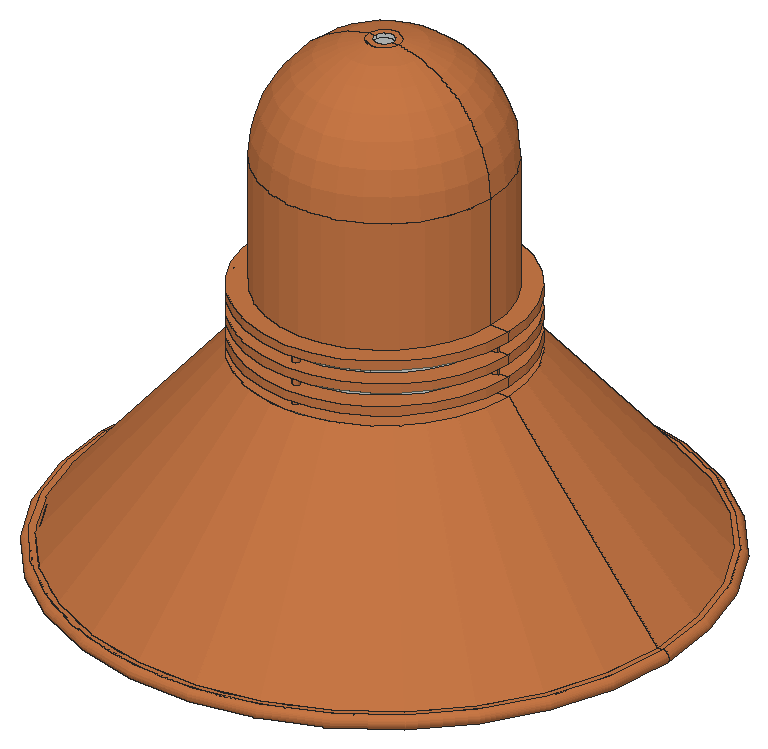
Revit family "DCS16 SHADE", category Lighting Fixtures, Revit 2024
Family settings
  Round Connector Dimension = Use Diameter
  Part Type = Normal
  OmniClass Number = 23.80.70.00
  OmniClass Title = Lighting
  Work Plane-Based = No
  Always vertical = Yes
  Cut with Voids When Loaded = No
  Light Source = Yes
  Maintain Annotation Orientation = No
  Shared = No
  Room Calculation Point = No
Parameters
  Wattage = 12.1178 W
  built-in parameter 1150110 = 1 (stored number, unit not read)
  built-in parameter 1114217 = 1 (stored number, unit not read)
  built-in parameter 1150109 = 1 (stored number, unit not read)
  built-in parameter 1150134 = (empty or 0)
  built-in parameter 1150113 = 1 (stored number, unit not read)
  Lumens = 1800 lm
  built-in parameter 1150115 = 1 (stored number, unit not read)
  built-in parameter 1150105 = 572.96 (stored number, unit not read)
  Light Source Symbol Size = 2' - 0"
  built-in parameter 1150137 = (empty or 0)
  built-in parameter 1150139 = (empty or 0)
  built-in parameter 1150112 = 1 (stored number, unit not read)
  built-in parameter 1150114 = 1 (stored number, unit not read)
  built-in parameter 1150132 = 2
  built-in parameter 1150102 = (empty or 0)
  built-in parameter 1150138 = (empty or 0)
  built-in parameter 1150107 = 3000 (stored number, unit not read)
  built-in parameter 1150106 = 5.7296 (stored number, unit not read)
  built-in parameter 1150104 = 13.8 (stored number, unit not read)
  Dimming Lamp Color Temperature Shift = (empty or 0)
  Default Elevation = 0' - 0"
  Color Filter = 16777215
  built-in parameter 1114218 = 1 (stored number, unit not read)
  built-in parameter 1150133 = 10 (stored number, unit not read)
Reference planes (in)
  plane 1 "Light Source Axis (F/B)": y = 0
  plane 2: z = 0
  plane 3 "Light Source Axis (L/R)": x = 0
  plane 4 "Light Source Elevation": z = 84
Forms (in)
  Revolve 1, solid
    sketch origin (0, 0, 0) x (1, 0, 0) y (0, 0, 1)
      loop
        line (-0.25, 96.97045) -> (-0.42, 96.97045)
        arc (-0.42, 96.97045) -> (-2.26467, 95.96735) -> (-2.9996, 94.0004) r 2.9996
        line (-2.9996, 94.0004) -> (-2.9996, 90.81257) -> (-3.4996, 90.81257) -> (-3.4996, 90.58013) -> (-3.40585, 90.58013) -> (-3.40585, 90.71882) -> (-2.90585, 90.71882) -> (-2.90585, 94.0004)
        arc (-2.90585, 94.0004) -> (-2.19603, 95.9034) -> (-0.41335, 96.8767) r 2.90585
        line (-0.41335, 96.8767) -> (-0.25, 96.8767) -> (-0.25, 96.97045)
      loop
        line (-2.9996, 90.24438) -> (-3.4996, 90.24438) -> (-3.4996, 90.01194) -> (-3.40585, 90.01194) -> (-3.40585, 90.15063) -> (-2.9996, 90.15063) -> (-2.9996, 90.24438)
      loop
        line (-2.9996, 89.67619) -> (-3.4996, 89.67619) -> (-3.4996, 89.44374) -> (-3.40585, 89.44374) -> (-3.40585, 89.58244) -> (-2.9996, 89.58244) -> (-2.9996, 89.67619)
      loop
        line (-2.9996, 89.19061) -> (-3.4996, 89.19061) -> (-7.68189, 84.34159) -> (-7.82921, 84.34159)
        arc (-7.82921, 84.34159) -> (-7.93208, 84.03445) -> (-7.66497, 84.21767) r 0.17079
        line (-7.66497, 84.21767) -> (-3.45666, 89.09686) -> (-2.9996, 89.09686) -> (-2.9996, 89.19061)
      loop
        line (-2, 90.58013) -> (-2, 84.34159)
        arc (-2, 84.34159) -> (-1.41421, 82.92738) -> (0, 82.34159) r 2
        line (0, 82.34159) -> (0, 82.43534)
        arc (0, 82.43534) -> (-1.34792, 82.99367) -> (-1.90625, 84.34159) r 1.90625
        line (-1.90625, 84.34159) -> (-1.90625, 90.58013) -> (-2, 90.58013)
      axis (0, 96.97045) -> (0, 82.34159)
    angle from 0 to 360
  Sweep 2, solid
    path origin (0, 0, 0) x (1, 0, 0) y (0, 0, 1)
      loop
        line (-3.11081, 89.19061) -> (-3.11081, 90.71882)
    profile origin (-3.11081, 0, 89.95472) x (-1, 0, 0) y (0, -1, 0)
      loop
        circle (0, 0) r 0.09375
  Sweep 3, solid
    path origin (0, 0, 0) x (0, -1, 0) y (0, 0, 1)
      loop
        line (-3.11081, 89.19061) -> (-3.11081, 90.71882)
    profile origin (0, 3.11081, 89.95472) x (0, 1, 0) y (-1, 0, 0)
      loop
        circle (0, 0) r 0.09375
  Sweep 4, solid
    path origin (0, 0, 0) x (0, 1, 0) y (0, 0, 1)
      loop
        line (-3.11081, 89.19061) -> (-3.11081, 90.71882)
    profile origin (0, -3.11081, 89.95472) x (0, -1, 0) y (1, 0, 0)
      loop
        circle (0, 0) r 0.09375
  Sweep 5, solid
    path origin (0, 0, 0) x (-1, 0, 0) y (0, 0, 1)
      loop
        line (-3.11081, 89.19061) -> (-3.11081, 90.71882)
    profile origin (3.11081, 0, 89.95472) x (1, 0, 0) y (0, 1, 0)
      loop
        circle (0, 0) r 0.09375
Dimensions and locks (in)
  aligned and locked: plane 3 "Light Source Axis (L/R)" to imposter light
  aligned and locked: plane 1 "Light Source Axis (F/B)" to imposter light
  aligned and locked: plane 4 "Light Source Elevation" to imposter light
  aligned and locked: level to plane 2
